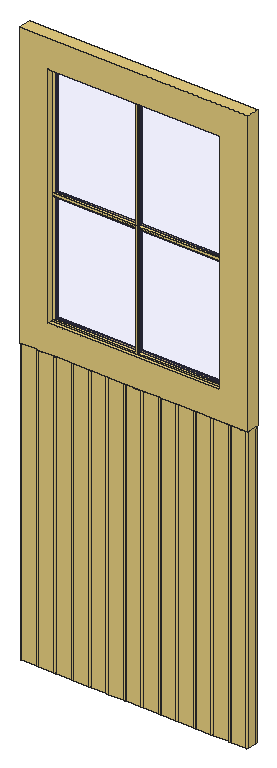
Revit family "DSP-A3-D4-AC", category Generic Models, Revit 2016
Family settings
  Part Type = Undefined
  Can host rebar = No
  Round Connector Dimension = Use Diameter
  Work Plane-Based = No
  Always vertical = Yes
  Cut with Voids When Loaded = No
  Shared = No
  Room Calculation Point = No
Parameters (values of type "Door")
  URL for TCP = "http://www.tcpbim.co.za"
  URL = "http://www.a3architects.co.za/"
  Slat Width = Panel Width / Array  # 62.538 mm
  Slat Height = Panel Height / 2  # 1015 mm
  Panel Width = 813 mm
  Panel Thickness = 44 mm
  Panel Material = Meranti Wood
  Panel Height = 2030 mm
  Offset = 100 mm
  Manufacturer = "A3 Architects"
  Made by = "Tolani Civil Projects cc"
  Glass Material = Glass
  Edge = Slat Width / 2  # 31.269 mm
  Array = 13
Reference planes
  plane 1 "Center (Front/Back)": y = 5.821
  plane 2: z = 0
  plane 3 "Center (Left/Right)": x = 138.059
  plane 4: y = 27.821
  plane 5: y = -16.179
  plane 6: x = -268.441
  plane 7: x = 544.559
  plane 8: z = 2030
  plane 9: z = 1930
  plane 10: x = -168.441
  plane 11: x = 444.559
  plane 12: z = 1015
  plane 13: z = 1115
  plane 14: x = -237.172
  plane 15: x = 513.289
  plane 16: z = 507.5
  plane 17: z = 1925.127
  plane 18: z = 1119.873
  plane 19: z = 1522.5
Forms (mm)
  Sweep 1, solid, material "Meranti Wood" <- "Panel Material"
    path origin (0, 5.821, 0) x (1, 0, 0) y (0, 0, 1)
      loop
        line (-268.441, 2030) -> (-268.441, 1015) -> (544.559, 1015) -> (544.559, 2030) -> (-268.441, 2030)
    profile origin (138.059, 5.821, 2030) x (0, 0, 1) y (0, -1, 0)
      loop
        line (0, -22) -> (0, 22) -> (-100, 22) -> (-100, -22) -> (0, -22)
  Sweep 2, solid, material "Meranti Wood" <- "Panel Material"
    path origin (0, 5.821, 0) x (1, 0, 0) y (0, 0, 1)
      loop
        line (-168.441, 1930) -> (-168.441, 1115) -> (444.559, 1115) -> (444.559, 1930) -> (-168.441, 1930)
    profile "Glass Suppurt profile : Glass Suppurt profile" origin (138.059, 5.821, 1930) x (0, 0, 1) y (0, -1, 0)
      loop
        line (0, 8) -> (-4.45, 8) -> (-8.45, 4) -> (-4.873, 4) -> (-4.873, -4) -> (-8.45, -4) -> (-4.45, -8) -> (0, -8) -> (0, 8)
  Extrusion 3, solid, material "Glass" <- "Glass Material"
    sketch origin (0, 0, 0) x (1, 0, 0) y (0, 1, 0)
      loop
        line (-163.569, 9.821) -> (-163.569, 1.821) -> (133.186, 1.821) -> (133.186, 9.821) -> (-163.569, 9.821)
      loop
        line (439.686, 1.821) -> (439.686, 9.821) -> (142.931, 9.821) -> (142.931, 1.821) -> (439.686, 1.821)
    from 1119.873 to 1925.127
  Sweep 4, solid, material "Meranti Wood" <- "Panel Material"
    path origin (0, 5.821, 0) x (1, 0, 0) y (0, 0, 1)
      loop
        line (-168.441, 1522.5) -> (444.559, 1522.5)
    profile "Glass Divider profile : Glass Divider profile" origin (138.059, 5.821, 1522.5) x (0, 0, 1) y (0, -1, 0)
      loop
        line (0, -8) -> (4.45, -8) -> (8.45, -4) -> (4.873, -4) -> (4.873, 4) -> (8.45, 4) -> (4.45, 8) -> (0, 8) -> (-4.45, 8) -> (-8.45, 4) -> (-4.873, 4) -> (-4.873, -4) -> (-8.45, -4) -> (-4.45, -8) -> (0, -8)
  Sweep 5, solid, material "Meranti Wood" <- "Panel Material"
    path origin (0, 5.821, 0) x (1, 0, 0) y (0, 0, 1)
      loop
        line (138.059, 1930) -> (138.059, 1115)
    profile "Glass Divider profile : Glass Divider profile" origin (138.059, 5.821, 1522.5) x (1, 0, 0) y (0, -1, 0)
      loop
        line (0, -8) -> (4.45, -8) -> (8.45, -4) -> (4.873, -4) -> (4.873, 4) -> (8.45, 4) -> (4.45, 8) -> (0, 8) -> (-4.45, 8) -> (-8.45, 4) -> (-4.873, 4) -> (-4.873, -4) -> (-8.45, -4) -> (-4.45, -8) -> (0, -8)
Cuts and joins
  joined: Sweep 2, Sweep 4, Sweep 5
Dimensions and locks
  equal spacing: plane 6, plane 3 "Center (Left/Right)", plane 7
  equal spacing: plane 4, plane 1 "Center (Front/Back)", plane 5
  "Panel Thickness": plane 4 to plane 5
  "Panel Width": plane 6 to plane 7
  equal spacing: plane 8, plane 12, level
  "Offset": plane 8 to plane 9
  "Offset": plane 10 to plane 6
  "Offset": plane 7 to plane 11
  "Offset": plane 13 to plane 12
  "Panel Height": plane 8 to level
  "Edge": plane 14 to plane 6
  "Edge": plane 15 to plane 7
  equal spacing: plane 12, plane 16, level
  equal spacing: group 1, group 3, group 4, group 5, group 6, group 7, group 8, group 9, group 10, group 11, group 12, group 13, group 2  (x3)
  locked: plane 17 to plane 9 at 4.873
  locked: plane 18 to plane 13 at 4.873
  equal spacing: plane 9, plane 19, plane 13
  aligned and locked: plane 14 to nested 1
  aligned and locked: plane 1 "Center (Front/Back)" to nested 1
  aligned and locked: plane 16 to nested 1
  aligned and locked: plane 1 "Center (Front/Back)" to nested 2
  aligned and locked: nested 2 to plane 15
  aligned and locked: plane 16 to nested 2
  aligned and locked: plane 6 to Sweep 1 sketch curve
  aligned and locked: Sweep 1 sketch curve to plane 8
  aligned and locked: Sweep 1 sketch curve to nested 2
  aligned and locked: plane 4 to Sweep 1 sketch curve
  aligned and locked: Sweep 1 sketch curve to profile plane
  aligned and locked: plane 9 to Sweep 1 sketch curve
  aligned and locked: Sweep 1 sketch curve to plane 5
  aligned and locked: Sweep 2 sketch curve to plane 9
  aligned and locked: plane 10 to Sweep 2 sketch curve
  aligned and locked: plane 13 to Sweep 2 sketch curve
  aligned and locked: Sweep 2 sketch curve to plane 11
  aligned and locked: Extrusion 3 sketch curve to Sweep 2  (x3)
  aligned and locked: Sweep 2 to Extrusion 3 sketch curve
  aligned and locked: Extrusion 3 to plane 17
  aligned and locked: plane 18 to Extrusion 3
  aligned and locked: Sweep 4 sketch curve to plane 19
  aligned and locked: plane 10 to Sweep 4 sketch curve
  aligned and locked: plane 11 to Sweep 4 sketch curve
  aligned and locked: plane 9 to Sweep 5 sketch curve
  aligned and locked: plane 13 to Sweep 5 sketch curve
  aligned and locked: Sweep 5 sketch curve to plane 3 "Center (Left/Right)"
  aligned and locked: Extrusion 3 sketch curve to cut or joined group of Sweep 2, Sweep 4, Sweep 5  (x2)
  aligned: Extrusion 3 sketch curve to Extrusion 3 sketch curve
Automatic sketch dimensions
  Sweep 1 sketch curve to plane 12 = 0 mm
  Extrusion 3 sketch curve to plane 1 "Center (Front/Back)" = 4 mm
  plane 1 "Center (Front/Back)" to Extrusion 3 sketch curve = 4 mm
Nested families
  nested 1: "Slat" at (-237.172, 5.821, -549.765), type "Slat"
    with Width 62.538 mm, Height 1015 mm
  nested 2: "Slat" at (513.289, 5.821, -549.765), type "Slat"
    with Width 62.538 mm, Height 1015 mm
  nested 3: "Slat" at (-174.634, 5.821, -549.765), type "Slat"
    with Width 62.538 mm, Height 1015 mm
  nested 4: "Slat" at (-112.095, 5.821, -549.765), type "Slat"
    with Width 62.538 mm, Height 1015 mm
  nested 5: "Slat" at (-49.557, 5.821, -549.765), type "Slat"
    with Width 62.538 mm, Height 1015 mm
  nested 6: "Slat" at (12.982, 5.821, -549.765), type "Slat"
    with Width 62.538 mm, Height 1015 mm
  nested 7: "Slat" at (75.52, 5.821, -549.765), type "Slat"
    with Width 62.538 mm, Height 1015 mm
  nested 8: "Slat" at (138.059, 5.821, -549.765), type "Slat"
    with Width 62.538 mm, Height 1015 mm
  nested 9: "Slat" at (200.597, 5.821, -549.765), type "Slat"
    with Width 62.538 mm, Height 1015 mm
  nested 10: "Slat" at (263.135, 5.821, -549.765), type "Slat"
    with Width 62.538 mm, Height 1015 mm
  nested 11: "Slat" at (325.674, 5.821, -549.765), type "Slat"
    with Width 62.538 mm, Height 1015 mm
  nested 12: "Slat" at (388.212, 5.821, -549.765), type "Slat"
    with Width 62.538 mm, Height 1015 mm
  nested 13: "Slat" at (450.751, 5.821, -549.765), type "Slat"
    with Width 62.538 mm, Height 1015 mm
Definition of nested family "Slat"
  Parameters
    Width = 100 mm
    Thickness = 44 mm
    Material = none
    Height = 2000 mm
  Reference planes
    plane 1 "Center (Front/Back)": y = 0
    plane 2: z = 0
    plane 3 "Center (Left/Right)": x = 0
    plane 4: z = 1057.265
    plane 5: z = 2057.265
    plane 6: z = 57.265
  Forms (mm)
    Sweep 1, solid, material <- "Material"
      path origin (0, 0, 0) x (1, 0, 0) y (0, 0, 1)
        loop
          line (0, 57.265) -> (0, 2057.265)
      profile origin (0, 0, 1057.265) x (-1, 0, 0) y (0, -1, 0)
        loop
          arc (45, -22) -> (48.536, -20.536) -> (50, -17) r 5
          line (50, -17) -> (50, 17)
          arc (50, 17) -> (48.536, 20.536) -> (45, 22) r 5
          line (45, 22) -> (-45, 22)
          arc (-45, 22) -> (-48.536, 20.536) -> (-50, 17) r 5
          line (-50, 17) -> (-50, -17)
          arc (-50, -17) -> (-48.536, -20.536) -> (-45, -22) r 5
          line (-45, -22) -> (45, -22)
  Dimensions and locks
    equal spacing: plane 5, plane 4, plane 6
    "Height": plane 5 to plane 6
    equal spacing: Sweep 1 sketch curve, profile plane, Sweep 1 sketch curve  (x2)
    "Thickness": Sweep 1 sketch curve to Sweep 1 sketch curve
    "Width": Sweep 1 sketch curve to Sweep 1 sketch curve
    aligned and locked: plane 6 to Sweep 1 sketch curve
    aligned and locked: plane 5 to Sweep 1 sketch curve
    aligned and locked: plane 3 "Center (Left/Right)" to Sweep 1 sketch curve
  Automatic sketch dimensions
    Sweep 1 sketch curve to Sweep 1 sketch curve = 5 mm  (x4)
